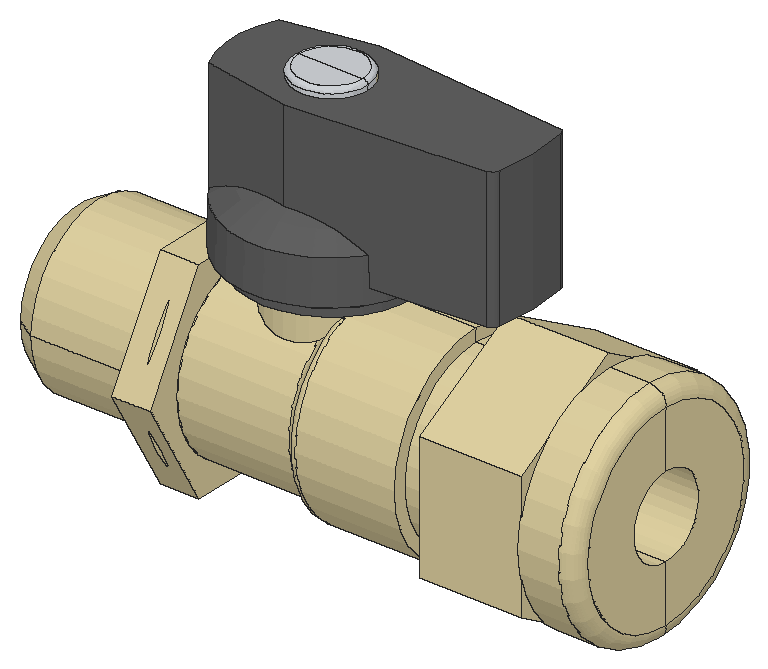
Revit family "QL25600000", category Apparecchi idraulici, Revit 2020
Family settings
  Quota connettore circolare = Usa diametro
  Tipo di parte = Normale
  Numero OmniClass = 23.45.00.00
  Titolo OmniClass = Sanitary, Laundry, and Cleaning Equipment
  Basato su piano di lavoro = No
  Sempre verticale = Sì
  Taglio con vuoti quando caricato = No
  Condiviso = No
  Punto di calcolo locali = No
Parameters
  URL = "https://web.cimberio.com/index.php/figura/265?subcategoria_id=79"
  Temperatura di esercizio = "-20 ÷ 90°C"
  Prospetto di default = 0 mm
  Produttore = "CIMBERIO SPA"
  Pressione nominale = "PN 16"
  Modello = "Cim 272"
  Materiale = "Prodotto in lega di ottone conforme alla norma EN 12165-CW617N-DW"
  Descrizione = "Realizzato in ottemperanza ai requisiti gestionali della norma EN ISO 9001.\r\nUtilizzato per la regolazione della temperatura degli ambienti e comandare apparecchi degli impianti di riscaldamento e condizionamento."
  DN Model [instance] = QL25603113 : QL25603113
  DN [instance] = 10 mm
  Commenti sul tipo = "Utilizzato nei più svariati settori dell'impiantistica: impianti di riscaldamento, condizionamento, idrici, igienico-sanitari, aria compressa e in generale con ogni fluido non corrosivo"
Reference planes
  plane 1 "Centro (Fronte/Retro)": y = 0
  plane 2: z = 0
  plane 3 "Centro (Sinistra/Destra)": x = 0
Dimensions and locks
  aligned and locked: level to plane 2
Nested families
  nested 1: "QL25603113" at (0, 0, 0), type <- "DN Model", type "QL25603113"
  nested 2: "QL25603113" at (0, 0, 0), type <- "DN Model", type "QL25603113"
  nested 3: "QL25603113" at (0, 0, 0), type <- "DN Model", type "QL25603113"
Connectors
  piping at (34.184, 0, 0), diameter 10, driven by "DN"
    settings: on nested 1, index 1, connector inside diameter 609.6 mm, connector length 0 mm, flow factor 0, pipe flow 0.0 L/s, pressure drop 0.0 Pa, fitting loss kfactor 0, connector angle 0.00°, fixture units 0, engagement length 0 mm, angle of deflection 0.00°, flow configuration 0, flow direction 0, fitting loss method 0, system type 7, joint type 0, gender type 0, connector reference index -1, connector utility 0, adjustable connector no, is connector primary yes, connector description ""
  piping at (-31, 0, 0), diameter 10, driven by "DN"
    settings: on nested 1, index 2, connector inside diameter 609.6 mm, connector length 0 mm, flow factor 0, pipe flow 0.0 L/s, pressure drop 0.0 Pa, fitting loss kfactor 0, connector angle 0.00°, fixture units 0, engagement length 0 mm, angle of deflection 0.00°, flow configuration 0, flow direction 0, fitting loss method 0, system type 7, joint type 0, gender type 0, connector reference index -1, connector utility 0, adjustable connector no, is connector primary no, connector description ""
Definition of nested family "QL25603113"
  Parameters (values of type "QL25603113")
    URL = "https://web.cimberio.com/index.php/figura/1418?subcategoria_id="
    Temperatura di esercizio = "-10 ÷ 110°C"
    Default Elevation = 0 mm
    Manufacturer = "CIMBERIO SPA"
    Pressione nominale = "PN 10"
    Model = "Cim 150VIC"
    Materiale = "Prodotto in lega di ottone conforme alla norma EN 12165-CW617N-DW"
    Description = "Utilizzato nei più svariati settori dell'impiantistica: impianti di riscaldamento, condizionamento, idrici, igienico-sanitari e in generale con ogni fluido non corrosivo"
    DN Model [instance] = HG00081015 : HG00081015
    DN [instance] = 15 mm
    Type Comments = "Realizzato in ottemperanza ai requisiti gestionali della norma EN ISO 9001.\r\nCollaudato al 100% secondo la normativa EN 12266-1"
  Reference planes
    plane 1 "Centro (Fronte/Retro)": y = 0
    plane 2: z = 0
    plane 3 "Centro (Sinistra/Destra)": x = 0
  Forms (mm)
    Revolve 1, solid
      sketch origin (1.72, 0, -14.009) x (1, 0, 0) y (0, 0, 1)
        loop
          line (-13.65, 29.159) -> (-12.068, 28.245) -> (-12.068, 27.3) -> (-1.75, 27.3) -> (-1.75, 38.235)
          arc (-1.75, 38.235) -> (-7.968, 37.443) -> (-13.555, 34.603) r 18.326
          line (-13.555, 34.603) -> (-13.65, 29.159)
        axis (-1.75, 27.3) -> (-1.75, 38.235)
      angle from 0 to 360
    Revolve 2, solid
      sketch origin (1.75, 0, -13.99) x (1, 0, 0) y (0, 0, 1)
        loop
          line (-6.25, 48.586) -> (-6.25, 47.06) -> (-1.75, 47.06) -> (-1.75, 49.1) -> (-5.644, 49.1)
          arc (-5.644, 49.1) -> (-6.041, 48.954) -> (-6.25, 48.586) r 0.614
        axis (-1.75, 49.1) -> (-1.75, 47.06)
      angle from 0 to 360
    Extrusion 3, solid
      sketch origin (1.564, 0, -13.989) x (1, 0, 0) y (0, 1, 0)
        loop
          line (-1.55, -7.358) -> (21.897, -5.374)
          arc (21.897, -5.374) -> (22.482, -5.121) -> (22.795, -4.565) r 1
          arc (22.795, -4.565) -> (23.239, 0.126) -> (22.795, 4.817) r 25
          arc (22.795, 4.817) -> (22.645, 5.184) -> (22.364, 5.464) r 1
          line (22.364, 5.464) -> (-1.549, 7.359) -> (-12.286, 5.325)
          arc (-12.286, 5.325) -> (-13.555, -0.054) -> (-12.237, -5.422) r 11.805
          line (-12.237, -5.422) -> (-1.55, -7.358)
      from 31.045 to 48.089
    Revolve 4, solid
      sketch origin (0, 0, 0) x (1, 0, 0) y (0, 0, 1)
        loop
          line (21.684, -5) -> (-12.299, -5) -> (-12.299, -13.25) -> (-11.433, -11.75)
          arc (-11.433, -11.75) -> (-10.884, -11.201) -> (-10.134, -11) r 1.5
          line (-10.134, -11) -> (3.557, -11)
          arc (3.557, -11) -> (4.218, -11.403) -> (4.711, -12) r 2.333
          arc (4.711, -12) -> (5.077, -12.366) -> (5.577, -12.5) r 1
          line (5.577, -12.5) -> (17.8, -12.5) -> (17.8, -11) -> (20.3, -11) -> (21.684, -12.384) -> (21.684, -5)
        axis (-12.299, 0) -> (21.684, 0)
      angle from 0 to 360
    Extrusion 5, solid
      sketch origin (0, 0, 0) x (0, 1, 0) y (0, 0, 1)
        loop
          circle (0, 0) r 5
        loop
          line (-14.9, 0) -> (-7.45, -12.904) -> (7.45, -12.904) -> (14.9, 0) -> (7.45, 12.904) -> (-7.45, 12.904) -> (-14.9, 0)
      from -15 to -10.261
    Extrusion 6, solid
      sketch origin (0, 0, 0) x (0, 1, 0) y (0, 0, -1)
        loop
          circle (0, 0) r 5
        loop
          line (0, -15.5) -> (13.423, -7.75) -> (13.423, 7.75) -> (0, 15.5) -> (-13.423, 7.75) -> (-13.423, -7.75) -> (0, -15.5)
      from -34.184 to -21.684
    Revolve 7, solid
      sketch origin (0, 0, 0) x (1, 0, 0) y (0, 0, 1)
        loop
          line (34.184, 5) -> (41.184, 5) -> (41.184, 12)
          arc (41.184, 12) -> (40.598, 13.414) -> (39.184, 14) r 2
          line (39.184, 14) -> (34.184, 14) -> (34.184, 5)
        axis (41.184, 0) -> (34.184, 0)
      angle from 0 to 360
    Revolve 8, solid
      sketch origin (0, 0, 0) x (1, 0, 0) y (0, 0, 1)
        loop
          line (-7.25, 15.629) -> (-7.25, 8.309) -> (-5, 8.309) -> (-5, 15.629) -> (-7.25, 15.629)
        axis (0, 15.629) -> (0, 8.309)
      angle from 0 to 360
    Revolve 9, solid
      sketch origin (0, 0, 0) x (1, 0, 0) y (0, 1, 0)
        loop
          line (-28.5, 10.45) -> (-31, 9.007) -> (-31, 5) -> (-15, 5) -> (-15, 10.45) -> (-28.5, 10.45)
        axis (-31, 0) -> (-15, 0)
      angle from 0 to 360
  Dimensions and locks
    aligned and locked: level to plane 2
